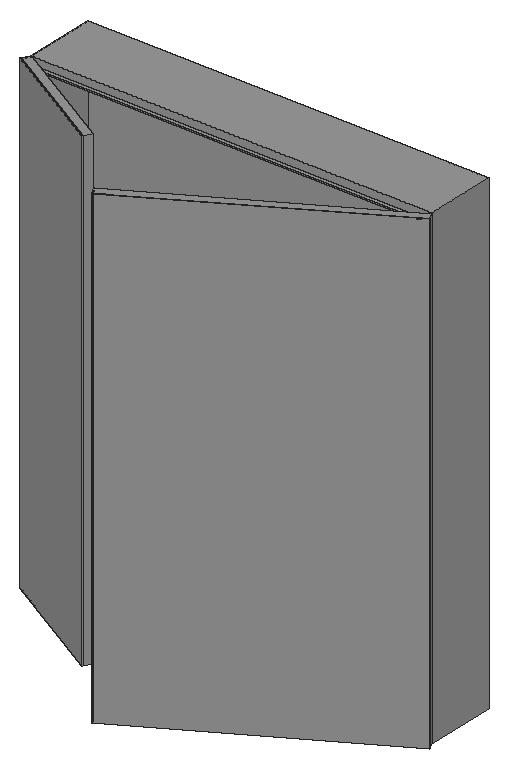
Revit family "Hager-Univers-IP44-D161-Cl.II-FWB-encl--NoHosted-PL-pl", category Electrical Equipment, Revit 2020
Family settings
  Panel Configuration = Two Columns, Circuits Across
  Round Connector Dimension = Use Diameter
  Part Type = Panelboard
  Work Plane-Based = Yes
  Always vertical = Yes
  Cut with Voids When Loaded = No
  Shared = No
  Room Calculation Point = No
Parameters (values of type "Montaż natynkowy IP44 S800 W950 G161  - FWB63D")
  Width Control [instance] = if([EF000008 - Szerokość] > Min Width, [EF000008 - Szerokość], Min Width)  # 800 mm
  Type Comments = [HG000003 - Zakres]  # "Univers"
  Thickness Door [instance] = if([EF009171 - Drzwi/pokrywa z materiału o wysokiej wytrzymałości mechanicznej] > 3 mm, 3 mm, [EF009171 - Drzwi/pokrywa z materiału o wysokiej wytrzymałości mechanicznej])  # 1 mm
  Seal Frame Offset [instance] = 17 mm  # constant formula
  Plinth Visibility [instance] = [HG000027 - Wysokość cokołu] > 0 mm  # no
  Min Width [instance] = 100 mm  # constant formula
  Min Depth [instance] = (2 * [EF009170 - Obudowa z materiału o wysokiej wytrzymałości mechanicznej]) + 1 mm  # 3 mm
  Min Height [instance] = 100 mm  # constant formula
  Internal Frame Depth [instance] = (Door System Depth * 0.5)  # 9 mm
  Panel Name [instance] = ""  # (empty or 0)
  Model = ""
  HG000027 - Wysokość cokołu = 0 mm
  HG000026 - Stojąca = no
  HG000024 - Wysokość części dolnej = 600 mm
  HG000023 - Obudowa dwusekcyjna = no
  HG000016 - Widoczność drzwi w widoku 3D [instance] = yes
  HG000015 - Przestrzeń robocza - otwarcie drzwi [instance] = no
  HG000014 - Drzwi prawe [instance] = yes
  HG000013 - Drzwi lewe [instance] = not([HG000014 - Drzwi prawe])  # no
  HG000012 - Kąt otwarcia drzwi [instance] = 30.00°
  HG000010 - Drzwi asymetryczne = yes
  HG000009 - Drzwi dwuskrzydłowe = yes
  HG000006 - Montaż podtynkowy = no
  HG000004 - Referencja producenta = "FWB63D"
  HG000003 - Zakres = "Univers"
  HG000002 - Z drzwiami lub pokrywą = yes
  Frame Offset Bottom [instance] = 10 mm  # constant formula
  Frame Offset [instance] = 15 mm  # constant formula
  EF015940 - Pokrywa z wyzwalaczem nadciśnieniowym = no
  EF011959 - Stopień ochrony (NEMA) = ""
  EF009554 - Liczba otworów pod flansze = 6
  EF009212 - Wykonanie pokrywy = "EV000116 - Zamknięty"
  EF009171 - Drzwi/pokrywa z materiału o wysokiej wytrzymałości mechanicznej = 1 mm
  EF009170 - Obudowa z materiału o wysokiej wytrzymałości mechanicznej = 1 mm
  EF008873 - Prąd znamionowy (In) = 125 A
  EF007800 - Do ochrony odgromowej = no
  EF006306 - Z zamkiem = no
  EF006244 - Transparentna pokrywa/drzwi = no
  EF005474 - Stopień ochrony (IP) = "EV006418 - IP44"
  EF004464 - Rodzaj drzwi = "EV000494 - Brak"
  EF004427 - Liczba modułów = 216
  EF004293 - Odporność udarowa = "EV006815 - IK09"
  EF003532 - Do zastosowań zewnętrznych = no
  EF002950 - Szerokość wyrażona liczbą modułów = 12
  EF001613 - Podtrzymanie funkcji = "EV000494 - Brak"
  EF001596 - Materiał obudowy = "EV000179 - Stal"
  EF001131 - Głębokość wewnętrzna = 156 mm
  EF001088 - Możliwość rozbudowy = yes
  EF000437 - Liczba wejść kablowych = 12
  EF000339 - Rodzaj pokrywy = "EV004216 - Drzwi"
  EF000266 - Liczba rzędów = 0
  EF000218 - Głębokość wbudowania = 0 mm
  EF000118 - Z płytą montażową = no
  EF000116 - Numer RAL = "9010"
  EF000049 - Głębokość = 161 mm
  EF000040 - Wysokość = 950 mm
  EF000008 - Szerokość = 800 mm
  EF000007 - Kolor = "EV000202 - Biały"
  EF000003 - Sposób montażu = "EV000384 - Montaż natynkowy"
  Door System Leaf Tolerance [instance] = 1.5 mm  # constant formula
  Door System Depth [instance] = 18 mm  # constant formula
  Door Height [instance] = Height Control - [HG000027 - Wysokość cokołu]  # 950 mm
  Description = ""
  Default Elevation = 1219.2 mm
  Connector Offset [instance] = Height Control / 2  # 475 mm
  Manufacturer = "Hager"  # constant formula
  Height Control [instance] = if([EF000040 - Wysokość] > Min Height, [EF000040 - Wysokość], Min Height)  # 950 mm
  Depth Control [instance] = if([EF000049 - Głębokość] > Min Depth, [EF000049 - Głębokość], Min Depth)  # 161 mm
  Bottom Top Plate Trim [instance] = 1.5 mm  # constant formula
  Plinth height Ctrl [instance] = if([HG000027 - Wysokość cokołu] > 0 mm, [HG000027 - Wysokość cokołu], 12 mm)  # 12 mm
Types (19, lengths in mm): name | Width Control | Thickness Door | Min Depth | HG000010 - Drzwi asymetryczne | HG000009 - Drzwi dwuskrzydłowe | HG000004 - Referencja producenta | EF009554 - Liczba otworów pod flansze | EF009212 - Wykonanie pokrywy | EF009171 - Drzwi/pokrywa z materiału o wysokiej wytrzymałości mechanicznej | EF009170 - Obudowa z materiału o wysokiej wytrzymałości mechanicznej | EF004464 - Rodzaj drzwi | EF004427 - Liczba modułów | EF001131 - Głębokość wewnętrzna | EF000437 - Liczba wejść kablowych | EF000339 - Rodzaj pokrywy | EF000040 - Wysokość | EF000008 - Szerokość | Door Height | Connector Offset | Height Control
  Montaż natynkowy IP44 S1050 W1100 G161  - FWB74D | 1050 | 1 | 3 | no | yes | "FWB74D" | 8 | "EV000116 - Zamknięty" | 1 | 1 | "EV000494 - Brak" | 336 | 160 | 16 | "EV000494 - Brak" | 1100 | 1050 | 1100 | 550 | 1100
  Montaż natynkowy IP44 S1050 W500 G161  - FWB34D | 1050 | 1 | 3 | no | yes | "FWB34D" | 8 | "EV000116 - Zamknięty" | 1 | 1 | "EV003602 - Podwójny" | 144 | 156 | 16 | "EV004216 - Drzwi" | 500 | 1050 | 500 | 250 | 500
  Montaż natynkowy IP44 S1050 W650 G161  - FWB44D | 1050 | 1 | 3 | no | yes | "FWB44D" | 8 | "EV000116 - Zamknięty" | 1 | 1 | "EV003602 - Podwójny" | 192 | 156 | 16 | "EV004216 - Drzwi" | 650 | 1050 | 650 | 325 | 650
  Montaż natynkowy IP44 S1050 W800 G161  - FWB54D | 1050 | 1 | 3 | no | yes | "FWB54D" | 8 | "EV000116 - Zamknięty" | 1 | 1 | "EV002646 - Pojedynczy" | 240 | 156 | 16 | "EV004216 - Drzwi" | 800 | 1050 | 800 | 400 | 800
  Montaż natynkowy IP44 S1050 W950 G161  - FWB64D | 1050 | 1 | 3 | no | yes | "FWB64D" | 8 | "EV000116 - Zamknięty" | 1 | 1 | "EV003602 - Podwójny" | 288 | 156 | 16 | "EV004216 - Drzwi" | 950 | 1050 | 950 | 475 | 950
  Montaż natynkowy IP44 S300 W1100 G161  - FWB71D | 300 | 1 | 3 | no | no | "FWB71D" | 2 | "EV000116 - Zamknięty" | 1 | 1 | "EV000494 - Brak" | 84 | 160 | 4 | "EV004216 - Drzwi" | 1100 | 300 | 1100 | 550 | 1100
  Montaż natynkowy IP44 S300 W650 G161  - FWB41D | 300 | 2 | 5 | no | no | "FWB41D" | 2 | "EV000116 - Zamknięty" | 2 | 2 | "EV000494 - Brak" | 48 | 160 | 4 | "EV004216 - Drzwi" | 650 | 300 | 650 | 325 | 650
  Montaż natynkowy IP44 S300 W800 G161  - FWB51D | 300 | 1 | 3 | no | no | "FWB51D" | 2 | "EV000116 - Zamknięty" | 1 | 1 | "EV000494 - Brak" | 60 | 160 | 4 | "EV004216 - Drzwi" | 800 | 300 | 800 | 400 | 800
  Montaż natynkowy IP44 S300 W950 G161  - FWB61D | 300 | 1 | 3 | no | no | "FWB61D" | 2 | "EV000116 - Zamknięty" | 1 | 1 | "EV000494 - Brak" | 72 | 160 | 4 | "EV004216 - Drzwi" | 950 | 300 | 950 | 475 | 950
  Montaż natynkowy IP44 S550 W1100 G161  - FWB72D | 550 | 1 | 3 | no | no | "FWB72D" | 4 | "EV000116 - Zamknięty" | 1 | 1 | "EV000494 - Brak" | 168 | 160 | 8 | "EV004216 - Drzwi" | 1100 | 550 | 1100 | 550 | 1100
  Montaż natynkowy IP44 S550 W500 G161  - FWB32D | 550 | 2 | 5 | no | no | "FWB32D" | 4 | "EV000116 - Zamknięty" | 2 | 2 | "EV002646 - Pojedynczy" | 72 | 156 | 8 | "EV000494 - Brak" | 500 | 550 | 500 | 250 | 500
  Montaż natynkowy IP44 S550 W650 G161  - FWB42D | 550 | 1 | 3 | no | no | "FWB42D" | 4 | "EV000116 - Zamknięty" | 1 | 1 | "EV000494 - Brak" | 96 | 160 | 8 | "EV004216 - Drzwi" | 650 | 550 | 650 | 325 | 650
  Montaż natynkowy IP44 S550 W800 G161  - FWB52D | 550 | 1 | 3 | no | no | "FWB52D" | 4 | "EV000116 - Zamknięty" | 1 | 1 | "EV000494 - Brak" | 120 | 160 | 8 | "EV004216 - Drzwi" | 800 | 550 | 800 | 400 | 800
  Montaż natynkowy IP44 S550 W950 G161  - FWB62D | 550 | 1 | 3 | no | no | "FWB62D" | 4 | "EV000116 - Zamknięty" | 1 | 1 | "EV000494 - Brak" | 144 | 160 | 8 | "EV004216 - Drzwi" | 950 | 550 | 950 | 475 | 950
  Montaż natynkowy IP44 S800 W1100 G161  - FWB73D | 800 | 1 | 3 | yes | yes | "FWB73D" | 6 | "EV000116 - Zamknięty" | 1 | 1 | "EV003602 - Podwójny" | 252 | 156 | 12 | "EV004216 - Drzwi" | 1100 | 800 | 1100 | 550 | 1100
  Montaż natynkowy IP44 S800 W500 G161  - FWB33D | 800 | 1 | 3 | yes | yes | "FWB33D" | 6 | "EV000116 - Zamknięty" | 1 | 1 | "EV000494 - Brak" | 108 | 160 | 12 | "EV004216 - Drzwi" | 500 | 800 | 500 | 250 | 500
  Montaż natynkowy IP44 S800 W650 G161  - FWB43D | 800 | 1 | 5 | yes | yes | "FWB43D" | 6 | "EV009916 - Z otworem" | 1 | 2 | "EV000494 - Brak" | 144 | 160 | 12 | "EV004216 - Drzwi" | 650 | 800 | 650 | 325 | 650
  Montaż natynkowy IP44 S800 W800 G161  - FWB53D | 800 | 1 | 5 | yes | yes | "FWB53D" | 6 | "EV000116 - Zamknięty" | 1 | 2 | "EV000494 - Brak" | 180 | 160 | 12 | "EV004216 - Drzwi" | 800 | 800 | 800 | 400 | 800
  Montaż natynkowy IP44 S800 W950 G161  - FWB63D | 800 | 1 | 3 | yes | yes | "FWB63D" | 6 | "EV000116 - Zamknięty" | 1 | 1 | "EV000494 - Brak" | 216 | 156 | 12 | "EV004216 - Drzwi" | 950 | 800 | 950 | 475 | 950
Reference planes
  plane 1 "Center (Front/Back)": y = 0
  plane 2: z = 0
  plane 3 "Center (Left/Right)": x = 0
  plane 4: y = 0
  plane 5: y = 0
  plane 6: z = 0
  plane 7: x = -400
  plane 8: x = 400
  plane 9: x = 399
  plane 10: x = -399
  plane 11: z = 0
  plane 12: z = 1
  plane 13: y = -161
  plane 14: y = -1
  plane 15: x = 0
  plane 16: y = -143
  plane 17: y = -160
  plane 18: y = -142
  plane 19: x = -384
  plane 20: x = 384
  plane 21: z = 11
  plane 22: x = -383
  plane 23: x = 383
  plane 24: z = 0
  plane 25: z = 950
  plane 26: z = 950
  plane 27: z = 934
  plane 28: z = 949
Forms (mm)
  Extrusion 1, solid, material "Hager_Steel_RAL7035_Light_Grey", detail levels medium+fine
    sketch origin (-208.679, -4572, 0) x (-1, 0, 0) y (0, -1, 0)
      loop
        line (191.321, -4429) -> (-608.679, -4429) -> (-608.679, -4572) -> (191.321, -4572) -> (191.321, -4429)
    from 0 to 950
  Extrusion 2, void
    sketch origin (-350.771, -161, 1219.2) x (1, 0, 0) y (0, 0, 1)
      loop
        line (-48.229, -270.2) -> (-48.229, -1218.2) -> (749.771, -1218.2) -> (749.771, -270.2) -> (-48.229, -270.2)
    from -19 to -160
  Extrusion 3, void
    sketch origin (-290.084, -143, 1219.2) x (1, 0, 0) y (0, 0, 1)
      loop
        line (-93.916, -1208.2) -> (674.084, -1208.2) -> (674.084, -285.2) -> (-93.916, -285.2) -> (-93.916, -1208.2)
    from 0 to -1
  Extrusion 4, solid, material "Hager_Steel_RAL7035_Light_Grey", visible <- "Plinth Visibility", detail levels medium+fine
    sketch origin (0, 0, 0) x (1, 0, 0) y (0, 1, 0)
      loop
        line (-400, 0) -> (-400, -143) -> (400, -143) -> (400, 0) -> (-400, 0)
    from 0 to 12 <- "Plinth height Ctrl"
  Extrusion 5, solid, material "Hager_Steel_RAL7035_Light_Grey", detail levels coarse
    sketch origin (0, 0, 0) x (1, 0, 0) y (0, 1, 0)
      loop
        line (-400, 0) -> (-400, -161) -> (400, -161) -> (400, 0) -> (-400, 0)
    from 0 to 950 <- "Height Control"
  Sweep 6, void
    path in 3D
      loop
        line (-400, -143, 12) -> (400, -143, 12) -> (400, 0, 12) -> (-400, 0, 12) -> (-400, -143, 12)
    profile origin (-400, -71.5, 12) x (1, 0, 0) y (0, 0, 1)
      loop
        line (0, 0) -> (0, -1.5) -> (1.5, -1.5)
        arc (1.5, -1.5) -> (1.061, -0.439) -> (0, 0) r 1.5
  Extrusion 7, solid, material "Hager_Steel_RAL7035_Light_Grey", detail levels fine
    sketch origin (-400, -143, 0) x (1, 0, 0) y (0, 0, 1)
      loop
        line (16, 11) -> (784, 11) -> (784, 934) -> (16, 934) -> (16, 11)
      loop
        line (15, 10) -> (785, 10) -> (785, 935) -> (15, 935) -> (15, 10)
    from 0 to 9 <- "Internal Frame Depth"
Cuts and joins
  Extrusion 2, Extrusion 3 cuts Extrusion 1
  Sweep 6 cuts Extrusion 4
Lines and regions (mm)
  Masking region 1
    outline origin (0, 0, 0) x (1, 0, 0) y (0, 1, 0)
      loop
        line (-400, 0) -> (-400, -161) -> (400, -161) -> (400, 0) -> (-400, 0)
  Masking region 2, detail levels coarse
    outline origin (-290.084, -143, 1219.2) x (-1, 0, 0) y (0, 0, 1)
      loop
        line (-690.084, -1219.2) -> (109.916, -1219.2) -> (109.916, -269.2) -> (-690.084, -269.2) -> (-690.084, -1219.2)
  Masking region 3, detail levels coarse
    outline origin (0, 0, 0) x (0, 1, 0) y (0, 0, 1)
      loop
        line (0, 0) -> (0, 950) -> (-161, 950) -> (-161, 0) -> (0, 0)
  Masking region 4, visible <- "Plinth Visibility", detail levels medium+fine
    outline origin (0, 0, 0) x (0, 1, 0) y (0, 0, 1)
      loop
        line (-1.5, 12) -> (-141.5, 12)
        arc (-141.5, 12) -> (-141.939, 10.939) -> (-143, 10.5) r 1.5
        line (-143, 10.5) -> (-143, 0) -> (0, 0) -> (0, 10.5)
        arc (0, 10.5) -> (-1.061, 10.939) -> (-1.5, 12) r 1.5
  Masking region 5, detail levels medium+fine
    outline origin (0, 0, 594.038) x (0, 1, 0) y (0, 0, 1)
      loop
        line (0, -594.038) -> (0, 355.962) -> (-143, 355.962) -> (-143, -594.038) -> (0, -594.038)
  Masking region 6, detail levels medium+fine
    outline origin (-359.7, -143, 1211.883) x (-1, 0, 0) y (0, 0, 1)
      loop
        line (-759.7, -1211.883) -> (40.3, -1211.883) -> (40.3, -261.883) -> (-759.7, -261.883) -> (-759.7, -1211.883)
  Masking region 7, visible <- "Plinth Visibility", detail levels medium+fine
    outline origin (-320.334, -143, 1041.368) x (-1, 0, 0) y (0, 0, 1)
      loop
        line (-720.334, -1041.368) -> (79.666, -1041.368) -> (79.666, -1030.868)
        arc (79.666, -1030.868) -> (78.606, -1030.429) -> (78.166, -1029.368) r 1.5
        line (78.166, -1029.368) -> (-718.834, -1029.368)
        arc (-718.834, -1029.368) -> (-719.273, -1030.429) -> (-720.334, -1030.868) r 1.5
        line (-720.334, -1030.868) -> (-720.334, -1041.368)
  sketch lines
    curve 1: line (-400, 0, 12) -> (-400, -143, 12)
    curve 2: line (-400, -143, 12) -> (400, -143, 12)
    curve 3: line (400, 0, 12) -> (-400, 0, 12)
    curve 4: line (400, -143, 12) -> (400, 0, 12)
Dimensions and locks
  locked: plane 1 "Center (Front/Back)" to plane 5
  "EF009170 - Obudowa z materiału o wysokiej wytrzymałości mechanicznej": plane 7 to plane 10
  "EF009170 - Obudowa z materiału o wysokiej wytrzymałości mechanicznej": plane 8 to plane 9
  equal spacing: plane 7, plane 3 "Center (Left/Right)", plane 8
  "Width Control": plane 7 to plane 8
  "Depth Control": plane 4 to plane 13
  "EF009170 - Obudowa z materiału o wysokiej wytrzymałości mechanicznej": plane 4 to plane 14
  "Height Control": plane 25 to level
  "HG000027 - Wysokość cokołu": plane 11 to level
  "EF009170 - Obudowa z materiału o wysokiej wytrzymałości mechanicznej": plane 12 to plane 11
  "EF009170 - Obudowa z materiału o wysokiej wytrzymałości mechanicznej": plane 17 to plane 13
  "EF009170 - Obudowa z materiału o wysokiej wytrzymałości mechanicznej": plane 18 to plane 16
  "Frame Offset Bottom": plane 21 to plane 12
  "Frame Offset": plane 10 to plane 19
  "Frame Offset": plane 9 to plane 20
  "Door System Depth": plane 16 to plane 13
  "Seal Frame Offset": plane 7 to plane 22
  "Seal Frame Offset": plane 8 to plane 23
  "EF009170 - Obudowa z materiału o wysokiej wytrzymałości mechanicznej": plane 26 to plane 28
  "Frame Offset": plane 28 to plane 27
  "Connector Offset": plane 2 to connector elem
  "Bottom Top Plate Trim": profile plane to Sweep 6 sketch curve
  "Bottom Top Plate Trim": Sweep 6 sketch curve to Sweep 6 sketch curve
  "Plinth height Ctrl": Masking region 4 sketch curve to level
  "Plinth height Ctrl": Masking region 7 sketch curve to level
  "Thickness Door": Extrusion 7 sketch curve to Extrusion 7 sketch curve  (x4)
  "Bottom Top Plate Trim": radius of Sweep 6 sketch curve
  "Bottom Top Plate Trim": radius of Masking region 4 sketch curve  (x2)
  "Bottom Top Plate Trim": radius of Masking region 7 sketch curve  (x2)
  aligned and locked: Extrusion 2 sketch curve to plane 12
  aligned and locked: Extrusion 2 sketch curve to plane 9
  aligned and locked: Extrusion 2 sketch curve to plane 10
  aligned and locked: Extrusion 2 to plane 14
  aligned and locked: Extrusion 1 sketch curve to plane 4
  aligned and locked: plane 8 to Extrusion 1 sketch curve
  aligned and locked: plane 7 to Extrusion 1 sketch curve
  aligned and locked: Extrusion 2 to plane 18
  aligned and locked: Extrusion 3 sketch curve to plane 19
  aligned and locked: plane 20 to Extrusion 3 sketch curve
  aligned and locked: Extrusion 3 to Extrusion 2
  aligned and locked: Extrusion 3 sketch curve to plane 21
  aligned and locked: plane 3 "Center (Left/Right)" to nested 1
  aligned and locked: Extrusion 1 sketch curve to plane 16
  aligned and locked: Extrusion 4 sketch curve to cut or joined group of Extrusion 1, Extrusion 2, Extrusion 3
  aligned and locked: Masking region 1 sketch curve to plane 7
  aligned and locked: Masking region 1 sketch curve to plane 5
  aligned and locked: Masking region 1 sketch curve to plane 8
  aligned and locked: Masking region 2 sketch curve to level
  aligned and locked: level to Masking region 3 sketch curve
  aligned and locked: plane 1 "Center (Front/Back)" to Masking region 3 sketch curve
  aligned and locked: plane 13 to Masking region 3 sketch curve
  aligned and locked: plane 5 to Masking region 4 sketch curve
  aligned and locked: Masking region 2 sketch curve to plane 8
  aligned and locked: Masking region 2 sketch curve to plane 7
  aligned and locked: plane 7 to nested 2
  aligned and locked: nested 2 to plane 5
  aligned and locked: plane 5 to Masking region 5 sketch curve
  aligned and locked: plane 26 to Masking region 5 sketch curve
  aligned and locked: Extrusion 5 sketch curve to plane 8
  aligned and locked: Extrusion 5 sketch curve to plane 7
  aligned and locked: Extrusion 5 sketch curve to plane 5
  aligned and locked: Extrusion 3 sketch curve to plane 27
  aligned and locked: Extrusion 2 sketch curve to plane 28
  aligned and locked: Masking region 2 to plane 25
  aligned and locked: Extrusion 4 to plane 16
  aligned and locked: profile plane to Sweep 6 sketch curve
  aligned and locked: Masking region 5 sketch curve to plane 24
  aligned and locked: level to Masking region 4 sketch curve
  aligned and locked: Masking region 1 to plane 13
  aligned and locked: nested 1 to plane 16
  aligned and locked: Masking region 3 to plane 25
  aligned and locked: plane 16 to Masking region 4 sketch curve
  aligned and locked: Masking region 5 sketch curve to plane 16
  aligned and locked: plane 24 to plane 11
  aligned and locked: plane 26 to plane 25
  aligned and locked: plane 26 to cut or joined group of Extrusion 1, Extrusion 2, Extrusion 3
  aligned and locked: nested 1 to plane 24
  aligned and locked: Extrusion 1 to Extrusion 3
  aligned and locked: Masking region 6 sketch curve to plane 8
  aligned and locked: Masking region 6 sketch curve to plane 24
  aligned and locked: Masking region 6 sketch curve to plane 7
  aligned and locked: Masking region 6 sketch curve to plane 26
  aligned and locked: Masking region 7 sketch curve to plane 7
  aligned and locked: level to Masking region 7 sketch curve
  aligned and locked: Masking region 7 sketch curve to plane 8
  aligned and locked: Extrusion 7 sketch curve to cut or joined group of Extrusion 1, Extrusion 2, Extrusion 3  (x4)
Automatic sketch dimensions
  plane 19 to Extrusion 3 sketch curve = 0 mm
  Extrusion 3 sketch curve to plane 20 = 0 mm
  Extrusion 3 sketch curve to plane 21 = 0 mm
  Extrusion 4 sketch curve to plane 7 = 0 mm
  Extrusion 4 sketch curve to plane 8 = 0 mm
  Extrusion 4 sketch curve to plane 16 = 0 mm
  Masking region 1 sketch curve to plane 13 = 0 mm
  Masking region 2 sketch curve to plane 25 = 0 mm
  Masking region 3 sketch curve to plane 25 = 0 mm
  Extrusion 5 sketch curve to plane 13 = 0 mm
  profile plane to Sweep 6 sketch curve = 0 mm
Nested families
  nested 1: "EC000058_Univers_Door" at (0, -143, 0), Double <- "HG000009 - Drzwi dwuskrzydłowe", Transparent <- "EF006244 - Transparentna pokrywa/drzwi", Angle <- "HG000012 - Kąt otwarcia drzwi", Door_Right <- "HG000014 - Drzwi prawe", Assymetrical <- "HG000010 - Drzwi asymetryczne", Door <- "HG000002 - Z drzwiami lub pokrywą", Width_Ctrl <- "Width Control", 3d_Door <- "HG000016 - Widoczność drzwi w widoku 3D", Clearance <- "HG000015 - Przestrzeń robocza - otwarcie drzwi", Door_Left <- "HG000013 - Drzwi lewe", Width <- "Width Control", Door_Depth <- "Door System Depth", Leaf_Tolerance <- "Door System Leaf Tolerance", Height <- "Door Height", Lock_Visibility <- "EF006306 - Z zamkiem", Thickness <- "Thickness Door", type "EC000058_Univers_Door", detail levels medium+fine
    with min_wh 3 mm, Width_Ctrl 800 mm, Width 800 mm, Transparent no, Thickness 1 mm, Seal_Material Hager_Rubber, Lock_Visibility no, Lock_Material Hager_Plastic_RAL9005_Jet_Black, Leaf_Width 800 mm, Leaf_Tolerance_External_Sides 0 mm, Leaf_Tolerance 1.5 mm, Leaf_Offset 0 mm, Leaf_Height 947 mm, Leaf_2_Width 532.583 mm, Leaf_2_Offset 266.292 mm, Leaf_1_Width 265.917 mm, Leaf_1_Offset 132.958 mm, Height_Ctrl 950 mm, Height 950 mm, Glass_Material Hager_Glass, Double_Clearance_Ctrl no, Double yes, Door_Right_Ctrl yes, Door_Right yes, Door_Material Hager_Steel_RAL7035_Light_Grey, Door_Left_Ctrl yes, Door_Left no, Door_Depth 18 mm, Door yes, Clearance_Material Hager_Clearance, Clearance_Depth 532.583 mm, Clearance_Ctrl no, Clearance no, Assymetrical yes, Angle 30.00°, 3d_Door yes
  nested 2: "Hager_Enclosure_Symbol" at (-400, 0, 0), Height <- "Depth Control", Width <- "Width Control", type "Hager_Enclosure_Symbol"
    with Width_Ctrl 800 mm, Width 800 mm, Height_Ctrl 161 mm, Height 161 mm, A_Width_Int 10.566 mm, A_Width 126.788 mm, A_Height_Ctrl 140.875 mm, A_Height 140.875 mm
Connectors
  electrical at (0, 0, 475)
    settings: on plane 1 "Center (Front/Back)", index 1, voltage 0 V, apparent load 0 VA, apparent load phase1 0 VA, apparent load phase2 0 VA, apparent load phase3 0 VA, power factor 1, load classification "Other", number of poles 1, system type 30, power factor state 1, is connector primary yes, connector utility no, sub classification motor no, connector description ""
Definition of nested family "EC000058_Univers_Door"
  Parameters (values of type "EC000058_Univers_Door")
    min_wh [instance] = (2 * Thickness) + 1 mm  # 11 mm
    Width_Ctrl [instance] = 400 mm
    Width [instance] = 500 mm
    Transparent [instance] = yes
    Thickness [instance] = 5 mm
    Seal_Material [instance] = none
    Lock_Visibility [instance] = yes
    Lock_Material [instance] = none
    Leaf_Width [instance] = if((Width_Ctrl - 2 * Leaf_Tolerance_External_Sides) > 0 mm, (Width_Ctrl - 2 * Leaf_Tolerance_External_Sides), min_wh)  # 400 mm
    Leaf_Tolerance_External_Sides [instance] = 0 mm  # constant formula
    Leaf_Tolerance [instance] = 1.5 mm
    Leaf_Offset [instance] = 0 mm  # constant formula
    Leaf_Height [instance] = if((Height_Ctrl - 2 * Leaf_Tolerance) > 0 mm, (Height_Ctrl - 2 * Leaf_Tolerance), min_wh)  # 497 mm
    Leaf_2_Width [instance] = if(and(and(Double, Assymetrical), Door_Left), (Leaf_Width / 3) - (Leaf_Tolerance / 2), if(and(and(Double, Assymetrical), Door_Right), (Leaf_Width / 3) * 2 - (Leaf_Tolerance / 2), if(and(Double, not(Assymetrical)), (Leaf_Width / 2) - Leaf_Tolerance, Leaf_Width)))  # 400 mm
    Leaf_2_Offset [instance] = if(and(Double, Assymetrical), Leaf_2_Width / 2, if(and(Double, not(Assymetrical)), Leaf_Width / 4, Leaf_Width / 2))  # 200 mm
    Leaf_1_Width [instance] = if(and(and(Double, Assymetrical), Door_Right), (Leaf_Width / 3) - (Leaf_Tolerance / 2), if(and(and(Double, Assymetrical), Door_Left), (Width / 3) * 2 - (Leaf_Tolerance / 2), if(and(Double, not(Assymetrical)), (Leaf_Width / 2) - Leaf_Tolerance, Leaf_Width)))  # 400 mm
    Leaf_1_Offset [instance] = if(and(Double, Assymetrical), Leaf_1_Width / 2, if(and(Double, not(Assymetrical)), Leaf_Width / 4, Leaf_Width / 2))  # 200 mm
    Height_Ctrl [instance] = if(Height > min_wh, Height, min_wh)  # 500 mm
    Height [instance] = 500 mm
    Glass_Material [instance] = none
    Double_Clearance_Ctrl [instance] = and(Double, Clearance)  # no
    Double [instance] = no
    Door_Right_Ctrl [instance] = and(or(Door_Right, Double), Door)  # yes
    Door_Right [instance] = yes
    Door_Material [instance] = none
    Door_Left_Ctrl [instance] = and(or(Door_Left, Double), Door)  # no
    Door_Left [instance] = no
    Door_Depth [instance] = 30 mm
    Door [instance] = yes
    Default Elevation = 1219.2 mm
    Clearance_Material [instance] = none
    Clearance_Depth [instance] = if(Leaf_1_Width > Leaf_2_Width, Leaf_1_Width, Leaf_2_Width)  # 400 mm
    Clearance_Ctrl [instance] = and(not(Double), Clearance)  # yes
    Clearance [instance] = yes
    Assymetrical [instance] = yes
    Angle [instance] = 30.00°
    3d_Door [instance] = yes
  Reference planes
    plane 1 "Center (Front/Back)": y = 0
    plane 2 "Bottom": z = 0
    plane 3 "Center (Left/Right)": x = 0
    plane 4: z = 500
    plane 5: x = -200
    plane 6: x = 200
    plane 7: z = 500
    plane 8: x = -200
    plane 9: z = 0
    plane 10: x = 200
    plane 11: y = 0
    plane 12: z = 1.5
    plane 13: x = -600
    plane 14: y = -400
    plane 15: x = 600
    plane 16: x = 0
    plane 17: x = 0
    plane 18: x = -200
    plane 19: x = 200
    plane 20: z = 498.5
  Forms (mm)
    Extrusion 1, solid, material <- "Clearance_Material", visible <- "Double_Clearance_Ctrl"
      sketch origin (1200, 0, 0) x (1, 0, 0) y (0, 0, -1)
        loop
          line (-1800, -498.5) -> (-600, -498.5) -> (-600, 0) -> (-1800, 0) -> (-1800, -498.5)
      from 0 to -400
  Dimensions and locks
    equal spacing: plane 5, plane 3 "Center (Left/Right)", plane 6
    "Width_Ctrl": plane 5 to plane 6
    "Leaf_Offset": plane 5 to plane 8
    "Leaf_Offset": plane 6 to plane 10
    "Leaf_Offset": plane 9 to level
    "Leaf_Offset": plane 4 to plane 7
    "Height_Ctrl": plane 4 to level
    "Leaf_Tolerance": plane 12 to plane 9
    locked: plane 11 to plane 1 "Center (Front/Back)"
    "Leaf_1_Offset": plane 18 to plane 16
    "Leaf_2_Offset": plane 17 to plane 19
    "Leaf_1_Width": plane 13 to plane 8
    "Leaf_2_Width": plane 10 to plane 15
    "Clearance_Depth": plane 14 to plane 1 "Center (Front/Back)"
    "Leaf_Tolerance_External_Sides": plane 8 to plane 18
    "Leaf_Tolerance_External_Sides": plane 19 to plane 10
    "Leaf_Tolerance": plane 7 to plane 20
    aligned and locked: level to plane 2 "Bottom"
    aligned and locked: nested 1 to plane 16
    aligned and locked: nested 2 to plane 17
    aligned and locked: Extrusion 1 to plane 13
    aligned and locked: plane 15 to Extrusion 1
    aligned and locked: Extrusion 1 to plane 14
    aligned and locked: plane 12 to nested 1
    aligned and locked: nested 2 to plane 12
    aligned and locked: Extrusion 1 to plane 11
    aligned and locked: plane 20 to Extrusion 1
    aligned and locked: nested 2 to plane 11
    aligned and locked: nested 1 to plane 11
  Automatic sketch dimensions
    Extrusion 1 sketch curve to level = 0 mm
    plane 5 to Extrusion 1 sketch curve = 400 mm
    plane 6 to Extrusion 1 sketch curve = 400 mm
    Extrusion 1 sketch curve to plane 4 = 1.5 mm
  Nested families
    nested 1: "EC000058_Univers_Door_Leaf" at (0, 0, 1.5), Width <- "Leaf_1_Width", visible <- "Door_Left_Ctrl", Leaf_Height <- "Leaf_Height", Angle <- "Angle", 3d_Door <- "3d_Door", Transparent <- "Transparent", Clearance Material <- "Clearance_Material", Clearance <- "Clearance_Ctrl", Door_Material <- "Door_Material", Glass_Material <- "Glass_Material", Door_Depth <- "Door_Depth", Lock_Material <- "Lock_Material", Seal_Material <- "Seal_Material", Lock_Visibility <- "Lock_Visibility", Thickness <- "Thickness", type "EC000058_Univers_Door_Leaf"
      with Width 400 mm, Transparent_Glass_Offset 30 mm, Transparent_Ctrl yes, Transparent yes, Thickness 5 mm, Standard no, Seal_Material none, Seal_D2 8 mm, Seal_D1 1 mm, Offset_Internal_Frame 10 mm, Lock_Width 20 mm, Lock_Visibility_3d yes, Lock_Visibility yes, Lock_Thickness_3 3 mm, Lock_Thickness_2 1 mm, Lock_Thickness_1 3 mm, Lock_Radius_Offset_2 16 mm, Lock_Radius_Offset_1 15 mm, Lock_Radius_2 5 mm, Lock_Radius 6 mm, Lock_Offset 5 mm, Lock_Material none, Lock_Height 80 mm, Lock_Cover_Top_Offset_2d 17 mm, Lock_Cover_Height -65 mm, Leaf_Height 497 mm, Internal_Seal_Thickness 8 mm, Internal_Seal_Depth_2 4.5 mm, Internal_Frame_Depth 25 mm, Glass_Thickness -1 mm, Glass_Offset -2 mm, Glass_Material none, Door_Material none, Door_Depth 30 mm, Clearance Material none, Clearance yes, Angle_Ctrl 30.00°, Angle 30.00°, 3d_Door yes
    nested 2: "EC000058_Univers_Door_Leaf" at (0, 0, 1.5) x (-1, 0, 0) z (0, 0, 1), Width <- "Leaf_2_Width", visible <- "Door_Right_Ctrl", Leaf_Height <- "Leaf_Height", Angle <- "Angle", 3d_Door <- "3d_Door", Transparent <- "Transparent", Clearance Material <- "Clearance_Material", Clearance <- "Clearance_Ctrl", Door_Material <- "Door_Material", Glass_Material <- "Glass_Material", Door_Depth <- "Door_Depth", Lock_Material <- "Lock_Material", Seal_Material <- "Seal_Material", Lock_Visibility <- "Lock_Visibility", Thickness <- "Thickness", type "EC000058_Univers_Door_Leaf"
      with Width 400 mm, Transparent_Glass_Offset 30 mm, Transparent_Ctrl yes, Transparent yes, Thickness 5 mm, Standard no, Seal_Material none, Seal_D2 8 mm, Seal_D1 1 mm, Offset_Internal_Frame 10 mm, Lock_Width 20 mm, Lock_Visibility_3d yes, Lock_Visibility yes, Lock_Thickness_3 3 mm, Lock_Thickness_2 1 mm, Lock_Thickness_1 3 mm, Lock_Radius_Offset_2 16 mm, Lock_Radius_Offset_1 15 mm, Lock_Radius_2 5 mm, Lock_Radius 6 mm, Lock_Offset 5 mm, Lock_Material none, Lock_Height 80 mm, Lock_Cover_Top_Offset_2d 17 mm, Lock_Cover_Height -65 mm, Leaf_Height 497 mm, Internal_Seal_Thickness 8 mm, Internal_Seal_Depth_2 4.5 mm, Internal_Frame_Depth 25 mm, Glass_Thickness -1 mm, Glass_Offset -2 mm, Glass_Material none, Door_Material none, Door_Depth 30 mm, Clearance Material none, Clearance yes, Angle_Ctrl 30.00°, Angle 30.00°, 3d_Door yes
  Definition of nested family "EC000058_Univers_Door_Leaf"
    Parameters (values of type "EC000058_Univers_Door_Leaf")
      Width [instance] = 2000 mm
      Transparent_Glass_Offset [instance] = 30 mm
      Transparent_Ctrl [instance] = and(Transparent, [3d_Door])  # yes
      Transparent [instance] = yes
      Thickness [instance] = 5 mm
      Standard [instance] = and(not(Transparent), [3d_Door])  # no
      Seal_Material [instance] = none
      Seal_D2 [instance] = 8 mm  # constant formula
      Seal_D1 [instance] = 1 mm  # constant formula
      Offset_Internal_Frame [instance] = 10 mm  # constant formula
      Lock_Width [instance] = 20 mm  # constant formula
      Lock_Visibility_3d [instance] = and(Lock_Visibility, [3d_Door])  # yes
      Lock_Visibility [instance] = yes
      Lock_Thickness_3 [instance] = 3 mm  # constant formula
      Lock_Thickness_2 [instance] = 1 mm  # constant formula
      Lock_Thickness_1 [instance] = 3 mm  # constant formula
      Lock_Radius_Offset_2 [instance] = Lock_Radius_Offset_1 + 1 mm  # 16 mm
      Lock_Radius_Offset_1 [instance] = 15 mm  # constant formula
      Lock_Radius_2 [instance] = Lock_Radius - 1 mm  # 5 mm
      Lock_Radius [instance] = 6 mm  # constant formula
      Lock_Offset [instance] = 5 mm  # constant formula
      Lock_Material [instance] = none
      Lock_Height [instance] = 80 mm  # constant formula
      Lock_Cover_Top_Offset_2d [instance] = Lock_Radius_Offset_2 + 1 mm  # 17 mm
      Lock_Cover_Height [instance] = -(Lock_Height - Lock_Radius_Offset_1)  # -65 mm
      Leaf_Height [instance] = 2720.336 mm
      Internal_Seal_Thickness [instance] = 8 mm  # constant formula
      Internal_Seal_Depth_2 [instance] = 4.5 mm  # constant formula
      Internal_Frame_Depth [instance] = if(Door_Depth - Thickness > 5 mm, Door_Depth - Thickness, 5 mm)  # 25 mm
      Glass_Thickness [instance] = if(Thickness > 15 mm, Glass_Offset + 10 mm, -1 mm)  # -1 mm
      Glass_Offset [instance] = if(Thickness > 15 mm, -(Thickness + 10 mm) / 2, -2 mm)  # -2 mm
      Glass_Material [instance] = none
      Door_Material [instance] = none
      Door_Depth [instance] = 30 mm
      Default Elevation = 0 mm
      Clearance Material [instance] = none
      Clearance [instance] = yes
      Angle_Ctrl [instance] = if(Angle > 180.00°, 180.00°, Angle)  # 90.00°
      Angle [instance] = 90.00°
      3d_Door [instance] = yes
    Reference planes
      plane 1 "Center (Front/Back)": y = 0
      plane 2: z = 0
      plane 3 "Center (Left/Right)": x = 0
      plane 4: y = 2000
      plane 5: x = -1000
      plane 6: x = 1000
      plane 7: x = -3000
      plane 8: z = 2720.336
      plane 9: z = 30
      plane 10: z = 2690.336
      plane 11: x = 970
      plane 12: x = -970
      plane 13: y = -3
      plane 14: z = 107.833
      plane 15: y = -5
      plane 16: y = -223.314
      plane 17: x = -1000
      plane 18: z = 1360.168
      plane 19: y = 30
    Forms (mm)
      Extrusion 1, solid, material <- "Clearance Material", visible <- "Clearance"
        sketch origin (0, 0, 0) x (1, 0, 0) y (0, 0, 1)
          loop
            line (-3000, 2720.336) -> (-3000, 0) -> (1000, 0) -> (1000, 2720.336) -> (-3000, 2720.336)
        from 0 to -2000
      Extrusion 2, solid, material <- "Door_Material", visible <- "Standard", detail levels medium+fine
        sketch origin (-1000, 0, 0) x (0, 1, 0) y (-1, 0, 0)
          loop
            line (0, 30) -> (0, 25) -> (2000, 25) -> (2000, 30) -> (0, 30)
        from 0 to 2720.336 <- "Leaf_Height"
      Extrusion 3, solid, material <- "Door_Material", visible <- "Transparent_Ctrl", detail levels medium+fine
        sketch origin (-1000, 0, 0) x (0, 1, 0) y (-1, 0, 0)
          loop
            line (0, 25) -> (2000, 25) -> (2000, 30) -> (0, 30) -> (0, 25)
        from 0 to 2720.336 <- "Leaf_Height"
      Extrusion 4, void
        sketch origin (-1025, 2000, 0) x (0, 1, 0) y (0, 0, -1)
          loop
            line (-30, -2690.336) -> (-30, -30) -> (-1970, -30) -> (-1970, -2690.336) -> (-30, -2690.336)
        from 0 to 5 <- "Thickness"
      Sweep 5, solid, material <- "Seal_Material", visible <- "Transparent_Ctrl", detail levels fine
        path in 3D
          loop
            line (-1025, 30, 30) -> (-1025, 30, 2690.336) -> (-1025, 1970, 2690.336) -> (-1025, 1970, 30) -> (-1025, 30, 30)
        profile origin (-1025, 1000, 30) x (1, 0, 0) y (0, 0, 1)
          loop
            line (0, 0) -> (0, -8) -> (1, -8) -> (1, 0) -> (0, 0)
      Extrusion 6, solid, material <- "Glass_Material", visible <- "Transparent_Ctrl", detail levels medium+fine
        sketch origin (-1030, 0, 0) x (0, 1, 0) y (0, 0, -1)
          loop
            line (1970, -2690.336) -> (1970, -30) -> (30, -30) -> (30, -2690.336) -> (1970, -2690.336)
        from -2 <- "Glass_Offset" to -1 <- "Glass_Thickness"
      Extrusion 7, solid, material <- "Door_Material", visible <- "3d_Door", detail levels medium+fine
        sketch origin (-1025, 2000, 0) x (0, -1, 0) y (0, 0, -1)
          loop
            line (0, -2720.336) -> (2000, -2720.336) -> (2000, 0) -> (0, 0) -> (0, -2720.336)
          loop
            line (1995, -5) -> (5, -5) -> (5, -2715.336) -> (1995, -2715.336) -> (1995, -5)
        from 0 to 25 <- "Internal_Frame_Depth"
      Sweep 8, solid, material <- "Seal_Material", visible <- "Transparent_Ctrl", detail levels fine
        path in 3D
          loop
            line (-1025, 0, 0) -> (-1025, 2000, 0) -> (-1025, 2000, 2720.336) -> (-1025, 0, 2720.336) -> (-1025, 0, 0)
        profile origin (-1025, 0, 1360.168) x (1, 0, 0) y (0, 1, 0)
          loop
            line (0, 10) -> (2.975, 10)
            arc (2.975, 10) -> (4.053, 10.447) -> (4.5, 11.525) r 1.525
            line (4.5, 11.525) -> (4.5, 16.527)
            arc (4.5, 16.527) -> (4.069, 17.569) -> (3.027, 18) r 1.473
            line (3.027, 18) -> (0, 18) -> (0, 10)
      Extrusion 9, solid, material <- "Lock_Material", visible <- "Lock_Visibility_3d", detail levels fine
        sketch origin (-1030, 0, 0) x (0, 1, 0) y (0, 0, -1)
          loop
            arc (1993.5, -1400.168) -> (1994.561, -1399.729) -> (1995, -1398.668) r 1.5
            line (1995, -1398.668) -> (1995, -1320.168) -> (1975, -1320.168) -> (1975, -1398.668)
            arc (1975, -1398.668) -> (1975.439, -1399.729) -> (1976.5, -1400.168) r 1.5
            line (1976.5, -1400.168) -> (1993.5, -1400.168)
        from 3 <- "Lock_Thickness_1" to 0
      Blend 10, solid, material <- "Lock_Material", visible <- "Lock_Visibility_3d", detail levels fine
        base sketch origin (-1033, 0, 0) x (0, 1, 0) y (0, 0, -1)
          loop
            line (1975, -1320.168) -> (1975, -1398.668)
            arc (1975, -1398.668) -> (1975.439, -1399.729) -> (1976.5, -1400.168) r 1.5
            line (1976.5, -1400.168) -> (1993.5, -1400.168)
            arc (1993.5, -1400.168) -> (1994.561, -1399.729) -> (1995, -1398.668) r 1.5
            line (1995, -1398.668) -> (1995, -1320.168) -> (1975, -1320.168)
        top sketch origin (-1033, 0, 0) x (0, 1, 0) y (0, 0, -1)
          loop
            line (1976, -1320.168) -> (1976, -1398.668)
            arc (1976, -1398.668) -> (1976.146, -1399.022) -> (1976.5, -1399.168) r 0.5
            line (1976.5, -1399.168) -> (1993.5, -1399.168)
            arc (1993.5, -1399.168) -> (1993.854, -1399.022) -> (1994, -1398.668) r 0.5
            line (1994, -1398.668) -> (1994, -1320.168) -> (1976, -1320.168)
        from 0 to 1 <- "Lock_Thickness_2"
      Blend 11, solid, material <- "Lock_Material", visible <- "Lock_Visibility_3d", detail levels fine
        base sketch origin (-1034, 0, 0) x (0, 1, 0) y (0, 0, -1)
          loop
            line (1978, -1320.168) -> (1978, -1384.168)
            arc (1978, -1384.168) -> (1985, -1391.168) -> (1992, -1384.168) r 7
            line (1992, -1384.168) -> (1992, -1320.168) -> (1978, -1320.168)
        top sketch origin (-1034, 0, 0) x (0, 1, 0) y (0, 0, -1)
          loop
            line (1991, -1320.168) -> (1979, -1320.168) -> (1979, -1383.168)
            arc (1979, -1383.168) -> (1985, -1389.168) -> (1991, -1383.168) r 6
            line (1991, -1383.168) -> (1991, -1320.168)
        from 0 to 3 <- "Lock_Thickness_3"
      Extrusion 12, solid, material <- "Lock_Material", visible <- "Lock_Visibility_3d", detail levels fine
        sketch origin (-1030, 1975, 1320.168) x (1, 0, 0) y (0, -1, 0)
          loop
            line (-7, -19) -> (-7, -1) -> (0, -1) -> (0, 0) -> (-8, 0) -> (-8, -20) -> (0, -20) -> (0, -19) -> (-7, -19)
        from 0 to -65 <- "Lock_Cover_Height"
      Extrusion 13, void
        sketch origin (-1038, 1995, 1320.168) x (-1, 0, 0) y (0, 0, -1)
          loop
            line (-5, -65) -> (0, -65) -> (-5, -60) -> (-5, -65)
        from 0 to 20 <- "Lock_Width"
      Extrusion 14, void
        sketch origin (-1038, 1975, 1320.168) x (0, -1, 0) y (0, 0, -1)
          loop
            circle (-10, -15.995) r 6
          loop
            circle (-10, -15.995) r 5
        from 0 to 2
      Extrusion 15, solid, material <- "Lock_Material", visible <- "Lock_Visibility_3d", detail levels medium
        sketch origin (-1030, 0, 0) x (0, 1, 0) y (0, 0, -1)
          loop
            arc (1993.5, -1400.168) -> (1994.561, -1399.729) -> (1995, -1398.668) r 1.5
            line (1995, -1398.668) -> (1995, -1320.168) -> (1975, -1320.168) -> (1975, -1398.668)
            arc (1975, -1398.668) -> (1975.439, -1399.729) -> (1976.5, -1400.168) r 1.5
            line (1976.5, -1400.168) -> (1993.5, -1400.168)
        from 8 to 0
    Cuts and joins
      Extrusion 4 cuts Extrusion 3
      Extrusion 13, Extrusion 14 cuts Extrusion 9
      Extrusion 14 cuts Blend 11
      Extrusion 13, Extrusion 14 cuts Extrusion 12
      joined: Extrusion 9, Blend 10, Blend 11, Extrusion 12
      Extrusion 14 cuts Extrusion 15
    Lines and regions (mm)
      Masking region 1, visible <- "Lock_Visibility", detail levels fine
        outline origin (0, 0, 0) x (0, 1, 0) y (0, 0, 1)
          loop
            line (30, 1320.168) -> (33, 1320.168) -> (33, 1400.168) -> (30, 1400.168) -> (30, 1320.168)
      Masking region 2, visible <- "Lock_Visibility", detail levels fine
        outline origin (0, 3.143, 0) x (0, 1, 0) y (0, 0, 1)
          loop
            line (29.857, 1354.168) -> (30.857, 1354.168) -> (30.857, 1366.168) -> (29.857, 1366.168) -> (29.857, 1354.168)
      Masking region 3, detail levels medium+fine
        outline origin (0, 0, 0) x (0, 1, 0) y (0, 0, 1)
          loop
            line (0, 0) -> (30, 0) -> (30, 2720.336) -> (0, 2720.336) -> (0, 0)
      Masking region 4, detail levels medium+fine
        outline origin (0, 0, 0) x (1, 0, 0) y (0, 0, 1)
          loop
            line (-1000, 2720.336) -> (-1000, 0) -> (1000, 0) -> (1000, 2720.336) -> (-1000, 2720.336)
      Masking region 5, visible <- "Lock_Visibility", detail levels fine
        outline origin (-47.116, 0, 0) x (1, 0, 0) y (0, 0, 1)
          loop
            arc (1024.616, 1399.168) -> (1023.556, 1398.729) -> (1023.116, 1397.668) r 1.5
            line (1023.116, 1397.668) -> (1023.116, 1320.168) -> (1041.116, 1320.168) -> (1041.116, 1397.668)
            arc (1041.116, 1397.668) -> (1040.677, 1398.729) -> (1039.616, 1399.168) r 1.5
            line (1039.616, 1399.168) -> (1024.616, 1399.168)
      Masking region 6, visible <- "Lock_Visibility", detail levels medium+fine
        outline origin (-25, 0, 0) x (1, 0, 0) y (0, 0, 1)
          loop
            arc (1001.5, 1400.168) -> (1000.439, 1399.729) -> (1000, 1398.668) r 1.5
            line (1000, 1398.668) -> (1000, 1320.168) -> (1020, 1320.168) -> (1020, 1398.668)
            arc (1020, 1398.668) -> (1019.561, 1399.729) -> (1018.5, 1400.168) r 1.5
            line (1018.5, 1400.168) -> (1001.5, 1400.168)
      Masking region 7, visible <- "Lock_Visibility", detail levels fine
        outline origin (-73.735, 0, 0) x (1, 0, 0) y (0, 0, 1)
          loop
            line (1051.735, 1382.168) -> (1065.735, 1382.168) -> (1065.735, 1384.168)
            arc (1065.735, 1384.168) -> (1058.735, 1391.168) -> (1051.735, 1384.168) r 7
            line (1051.735, 1384.168) -> (1051.735, 1382.168)
      Masking region 8, visible <- "Lock_Visibility", detail levels fine
        outline origin (-73.735, 0, 0) x (1, 0, 0) y (0, 0, 1)
          loop
            line (1052.735, 1382.168) -> (1064.735, 1382.168) -> (1064.735, 1383.168)
            arc (1064.735, 1383.168) -> (1058.735, 1389.168) -> (1052.735, 1383.168) r 6
            line (1052.735, 1383.168) -> (1052.735, 1382.168)
      Masking region 9, visible <- "Lock_Visibility", detail levels fine
        outline origin (-25, 0, 0) x (1, 0, 0) y (0, 0, 1)
          loop
            line (1020, 1320.168) -> (1020, 1382.168) -> (1000, 1382.168) -> (1000, 1320.168) -> (1020, 1320.168)
      Masking region 10, detail levels medium+fine
        outline origin (0, 0, 0) x (1, 0, 0) y (0, 0, 1)
          loop
            circle (985, 1335.144) r 6
      Masking region 11, detail levels fine
        outline origin (0, 0, 0) x (1, 0, 0) y (0, 0, 1)
          loop
            circle (985, 1335.144) r 5
      Masking region 12, visible <- "Lock_Visibility", detail levels fine
        outline origin (0, 12.767, 0) x (0, 1, 0) y (0, 0, 1)
          loop
            line (20.233, 1320.168) -> (21.233, 1320.168) -> (21.233, 1399.168) -> (20.233, 1400.168) -> (20.233, 1320.168)
      Masking region 13, visible <- "Lock_Visibility", detail levels fine
        outline origin (0, 13.767, -10) x (0, 1, 0) y (0, 0, 1)
          loop
            line (20.233, 1330.168) -> (23.233, 1330.168) -> (23.233, 1399.168) -> (20.233, 1402.168) -> (20.233, 1330.168)
      Masking region 14, visible <- "Lock_Visibility", detail levels fine
        outline origin (0, 12.767, -10) x (0, 1, 0) y (0, 0, 1)
          loop
            line (20.233, 1330.168) -> (25.233, 1330.168) -> (25.233, 1399.305) -> (20.233, 1394.305) -> (20.233, 1330.168)
      Masking region 15, visible <- "Lock_Visibility", detail levels medium
        outline origin (0, 0, 0) x (0, 1, 0) y (0, 0, 1)
          loop
            line (30, 1320.168) -> (38, 1320.168) -> (38, 1400.168) -> (30, 1400.168) -> (30, 1320.168)
      Masking region 16, visible <- "Lock_Visibility", detail levels fine
        outline origin (-1000, 0, 0) x (0, 1, 0) y (-1, 0, 0)
          loop
            line (1975, 30) -> (1995, 30) -> (1995, 38) -> (1975, 38) -> (1975, 30)
          loop
            line (1979, 37) -> (1976, 37) -> (1976, 34) -> (1978, 34) -> (1979, 37)
          loop
            line (1994, 37) -> (1991, 37) -> (1992, 34) -> (1994, 34) -> (1994, 37)
      Masking region 17, visible <- "Lock_Visibility", detail levels medium
        outline origin (-1000, 0, 0) x (0, 1, 0) y (-1, 0, 0)
          loop
            line (1975, 30) -> (1995, 30) -> (1995, 38) -> (1975, 38) -> (1975, 30)
      symbolic lines
        curve 1: line (1000, 0, 0) -> (-3000, 0, 0)
        curve 2: arc (1000, 0, 0) -> (-1000, 2000, 0) -> (-3000, 0, 0) r 2000
        curve 4: line (-1030, 0, 0) -> (-1030, 2000, 0)
      reference lines
        curve 3: line (-1000, 0, 0) -> (-1000, 2000, 0)
      symbolic lines, detail levels medium+fine
        curve 5: line (-1030, 2000, 0) -> (-1025, 2000, 0)
        curve 7: line (-1025, 0, 0) -> (-1030, 0, 0)
        curve 8: line (-1025, 0, 0) -> (-1000, 0, 0)
        curve 9: line (-1000, 0, 0) -> (-1000, 2000, 0)
        curve 10: line (-1000, 2000, 0) -> (-1025, 2000, 0)
      symbolic lines, detail levels fine
        curve 6: line (-1025, 2000, 0) -> (-1025, 0, 0)
      sketch lines
        curve 11: line (-1025, 0, 2720.336) -> (-1025, 0, 0)
        curve 12: line (-1025, 2000, 0) -> (-1025, 0, 0)
        curve 13: line (-1025, 2000, 2720.336) -> (-1025, 2000, 0)
        curve 14: line (-1025, 0, 2720.336) -> (-1025, 2000, 2720.336)
        curve 15: line (-1025, 1970, 30) -> (-1025, 30, 30)
        curve 16: line (-1025, 30, 30) -> (-1025, 30, 2690.336)
        curve 17: line (-1025, 1970, 2690.336) -> (-1025, 1970, 30)
        curve 18: line (-1025, 30, 2690.336) -> (-1025, 1970, 2690.336)
      symbolic lines, visible <- "Transparent", detail levels medium+fine
        curve 19: line (-970, 0, 2690.336) -> (970, 0, 2690.336)
        curve 20: line (-970, 0, 30) -> (-970, 0, 2690.336)
        curve 21: line (970, 0, 30) -> (-970, 0, 30)
        curve 22: line (970, 0, 2690.336) -> (970, 0, 30)
    Dimensions and locks
      "Width": plane 1 "Center (Front/Back)" to plane 4
      equal spacing: plane 5, plane 3 "Center (Left/Right)", plane 6
      "Width": plane 5 to plane 6
      "Width": plane 7 to plane 5
      "Leaf_Height": plane 8 to level
      "Width": curve 5 to curve 3
      "Width": curve 3 to curve 3
      plane 8 to plane 10 = 30 mm
      plane 9 to level = 30 mm
      plane 12 to plane 5 = 30 mm
      plane 6 to plane 11 = 30 mm
      Extrusion 1 to Extrusion 4 sketch curve = 30 mm
      "Transparent_Glass_Offset": curve 3 to Extrusion 4 sketch curve
      "Transparent_Glass_Offset": Extrusion 4 sketch curve to cut or joined group of Extrusion 3, Extrusion 4  (x2)
      cut or joined group of Extrusion 3, Extrusion 4 to Extrusion 6 sketch curve = 30 mm
      "Transparent_Glass_Offset": cut or joined group of Extrusion 3, Extrusion 4 to Extrusion 4 sketch curve
      "Thickness": curve 6 to curve 4
      "Thickness": Extrusion 7 sketch curve to Extrusion 7 sketch curve  (x4)
      "Door_Depth": curve 4 to curve 3
      "Offset_Internal_Frame": profile plane to Sweep 8 sketch curve
      "Internal_Seal_Thickness": Sweep 8 sketch curve to Sweep 8 sketch curve
      "Internal_Seal_Depth_2": profile plane to Sweep 8 sketch curve
      "Seal_D1": profile plane to Sweep 5 sketch curve
      "Seal_D2": profile plane to Sweep 5 sketch curve
      "Thickness": Extrusion 2 sketch curve to Extrusion 2 sketch curve
      equal spacing: Extrusion 9 sketch curve, plane 18, Extrusion 9 sketch curve  (x2)
      equal spacing: Masking region 1 sketch curve, plane 18, Masking region 1 sketch curve
      "Lock_Height": Masking region 1 sketch curve to Masking region 1 sketch curve
      "Lock_Radius": Masking region 2 sketch curve to plane 18 to Masking region 2 sketch curve
      Masking region 2 sketch curve to Masking region 1 = 1 mm
      "Door_Depth": plane 19 to plane 1 "Center (Front/Back)"
      "Lock_Thickness_1": Masking region 1 sketch curve to plane 19
      "Lock_Width": Extrusion 9 sketch curve to Extrusion 9 sketch curve
      "Lock_Height": Extrusion 9 sketch curve to Extrusion 9 sketch curve
      "Lock_Offset": cut or joined group of Extrusion 3, Extrusion 4 to Extrusion 9 sketch curve
      equal spacing: plane 8, plane 18, level
      "Lock_Radius_Offset_1": Blend 11 sketch curve to Blend 10
      locked: Blend 10 to Blend 11 sketch curve at 2  (x2)
      locked: var sketch to Blend 11 sketch curve at 1  (x2)
      "Lock_Radius_Offset_2": Blend 11 sketch curve to Blend 10
      locked: Extrusion 12 sketch curve to Extrusion 12 sketch curve at 1  (x3)
      Masking region 6 sketch curve to Masking region 6 sketch curve = 80 mm
      "Lock_Height": Masking region 6 sketch curve to Masking region 6 sketch curve
      "Lock_Width": Masking region 6 sketch curve to Masking region 6 sketch curve
      locked: Masking region 6 to Masking region 5 sketch curve at 1  (x3)
      locked: Masking region 5 to Masking region 7 sketch curve at 2  (x2)
      "Lock_Radius_Offset_1": Masking region 5 to Masking region 7 sketch curve
      "Lock_Radius_Offset_2": Masking region 5 to Masking region 8 sketch curve
      locked: Masking region 7 to Masking region 8 sketch curve at 1  (x2)
      "Lock_Cover_Top_Offset_2d": Masking region 5 to Masking region 9 sketch curve
      equal spacing: Masking region 9, Masking region 10 sketch curve, Masking region 9
      equal spacing: Masking region 9, Masking region 11 sketch curve, Masking region 9
      Extrusion 15 sketch curve to Extrusion 15 sketch curve = 80 mm
      "Lock_Width": Extrusion 15 sketch curve to Extrusion 15 sketch curve
      "Lock_Height": Extrusion 15 sketch curve to Extrusion 15 sketch curve
      equal spacing: Extrusion 15 sketch curve, plane 18, Extrusion 15 sketch curve
      "Lock_Thickness_3": Masking region 13 sketch curve to Masking region 13 sketch curve
      "Lock_Height": Masking region 12 sketch curve to Masking region 12 sketch curve
      locked: Masking region 13 sketch curve to Masking region 1 at 8
      locked: Masking region 14 sketch curve to Masking region 13 at 1
      locked: Masking region 14 sketch curve to Masking region 1 at 10.863
      "Lock_Height": Masking region 15 sketch curve to Masking region 15 sketch curve
      "Lock_Offset": Extrusion 15 sketch curve to cut or joined group of Extrusion 3, Extrusion 4
      "Lock_Offset": plane 6 to Masking region 6 sketch curve
      radius of Sweep 8 sketch curve = 1.525 mm
      radius of Sweep 8 sketch curve = 1.473 mm
      radius of Extrusion 9 sketch curve = 1.5 mm  (x2)
      "Lock_Radius": radius of Extrusion 14 sketch curve
      "Lock_Radius_2": radius of Extrusion 14 sketch curve
      "Lock_Radius": radius of Masking region 10 sketch curve
      "Lock_Radius_2": radius of Masking region 11 sketch curve
      radius of Extrusion 15 sketch curve = 1.5 mm  (x2)
      "Angle_Ctrl": angle plane 1 "Center (Front/Back)" to curve 3
      locked: Masking region 12 sketch curve to Masking region 12 sketch curve (angle 45.00°)
      locked: Masking region 13 sketch curve to Masking region 13 sketch curve (angle 45.00°)
      locked: Masking region 14 sketch curve to Masking region 14 sketch curve (angle 45.00°)
      aligned and locked: level to plane 2
      aligned and locked: Extrusion 1 to curve 1
      aligned and locked: plane 6 to Extrusion 1
      aligned and locked: Extrusion 1 to plane 1 "Center (Front/Back)"
      aligned and locked: plane 4 to Extrusion 1
      aligned and locked: plane 8 to Extrusion 1
      aligned and locked: curve 7 to Extrusion 2 sketch curve
      aligned and locked: curve 5 to Extrusion 2 sketch curve
      aligned and locked: curve 7 to Extrusion 3 sketch curve
      aligned and locked: Extrusion 3 sketch curve to curve 4
      aligned and locked: Extrusion 3 sketch curve to curve 6
      aligned and locked: Extrusion 3 sketch curve to curve 5
      aligned and locked: curve 9 to curve 3
      aligned and locked: Extrusion 7 sketch curve to cut or joined group of Extrusion 3, Extrusion 4  (x4)
      aligned and locked: plane 17 to curve 3
      aligned and locked: plane 1 "Center (Front/Back)" to curve 3
      aligned and locked: plane 17 to plane 5
      aligned and locked: Sweep 8 sketch curve to profile plane
      aligned and locked: Sweep 5 sketch curve to profile plane  (x2)
      aligned and locked: Masking region 1 to Masking region 2 sketch curve
      aligned and locked: plane 19 to Masking region 1 sketch curve
      aligned and locked: plane 1 "Center (Front/Back)" to Masking region 3 sketch curve
      aligned and locked: plane 19 to Masking region 3 sketch curve
      aligned and locked: level to Masking region 3 sketch curve
      aligned and locked: Masking region 3 sketch curve to plane 8
      aligned and locked: plane 17 to Masking region 4 sketch curve
      aligned and locked: level to Masking region 4 sketch curve
      aligned and locked: Masking region 4 sketch curve to plane 8
      aligned and locked: plane 12 to curve 20
      aligned and locked: plane 10 to curve 19
      aligned and locked: plane 11 to curve 22
      aligned and locked: curve 21 to plane 9
      aligned and locked: Extrusion 2 sketch curve to cut or joined group of Extrusion 3, Extrusion 4
      aligned and locked: Blend 10 sketch curve to Extrusion 9  (x4)
      aligned and locked: Extrusion 9 to Blend 10 sketch curve
      aligned and locked: Blend 10 to Blend 11 sketch curve
      aligned and locked: Extrusion 12 sketch curve to Blend 11
      aligned and locked: Extrusion 12 sketch curve to Extrusion 9  (x4)
      aligned and locked: Masking region 5 sketch curve to Masking region 6
      aligned and locked: Masking region 9 sketch curve to Masking region 6  (x3)
      aligned and locked: Masking region 12 sketch curve to Masking region 1
      aligned and locked: Masking region 13 sketch curve to Masking region 1
      aligned and locked: Masking region 12 to Masking region 14
      aligned and locked: Masking region 14 sketch curve to Masking region 1
      aligned and locked: Masking region 15 sketch curve to Masking region 14
      aligned and locked: Masking region 13 sketch curve to Masking region 12
      aligned and locked: Masking region 16 sketch curve to cut or joined group of Extrusion 14, Extrusion 15  (x4)
      aligned and locked: Masking region 16 sketch curve to cut or joined group of Extrusion 9, Blend 10, Blend 11, Extrusion 12, Extrusion 13, Extrusion 14  (x6)
      aligned and locked: cut or joined group of Extrusion 9, Blend 10, Blend 11, Extrusion 12, Extrusion 13, Extrusion 14 to Masking region 16 sketch curve
      aligned and locked: Masking region 17 sketch curve to cut or joined group of Extrusion 14, Extrusion 15  (x3)
      aligned and locked: Masking region 17 sketch curve to cut or joined group of Extrusion 9, Blend 10, Blend 11, Extrusion 12, Extrusion 13, Extrusion 14
      aligned and locked: Masking region 9 to Masking region 8 sketch curve
      aligned and locked: Masking region 9 to Masking region 7 sketch curve
    Automatic sketch dimensions
      plane 1 "Center (Front/Back)" to curve 2 = 0 mm
      curve 2 to plane 5 = 0 mm
      Extrusion 1 sketch curve to level = 0 mm
      Extrusion 1 sketch curve to plane 7 = 0 mm
      Extrusion 1 sketch curve to plane 6 = 0 mm
      Extrusion 1 sketch curve to plane 8 = 0 mm
      Extrusion 3 to Extrusion 6 sketch curve = 30 mm  (x4)
      Masking region 4 sketch curve to plane 6 = 0 mm
      Blend 10 sketch curve to Extrusion 9 = 1.5 mm
      Blend 10 sketch curve to Extrusion 9 = 1 mm
      Extrusion 13 sketch curve to Extrusion 12 = 0 mm  (x2)
      Extrusion 12 to Extrusion 13 sketch curve = 3 mm
      Extrusion 13 sketch curve to Extrusion 12 = 5 mm
      Extrusion 14 sketch curve to Extrusion 14 sketch curve = 0 mm  (x2)
      Extrusion 14 sketch curve to Extrusion 12 = 10 mm
      Extrusion 14 sketch curve to Extrusion 12 = 15.995 mm
      Masking region 5 sketch curve to Masking region 5 sketch curve = 1.5 mm  (x2)
      Masking region 10 sketch curve to plane 18 = 25.024 mm
      Masking region 11 sketch curve to plane 18 = 25.024 mm
      plane 19 to Masking region 14 sketch curve = 3 mm
      Masking region 16 sketch curve to Masking region 16 sketch curve = 3 mm
      curve 4 to curve 3 = 0 mm
      Blend 10 to Blend 11 sketch curve = 0 mm
      Masking region 6 sketch curve to Masking region 6 sketch curve = 1.5 mm  (x2)
      Masking region 6 sketch curve to plane 18 = 40 mm
      plane 19 to Masking region 12 sketch curve = 3 mm
      Masking region 12 sketch curve to Masking region 12 sketch curve = 1 mm
      Masking region 15 sketch curve to plane 19 = 0 mm
      Masking region 15 sketch curve to plane 18 = 40 mm
      radius of Blend 10 sketch curve to Extrusion 9 = 1 mm
Definition of nested family "Hager_Enclosure_Symbol"
  Parameters (values of type "Hager_Enclosure_Symbol")
    Width_Ctrl [instance] = if(Width > 1 mm, Width, 1 mm)  # 102.27 mm
    Width [instance] = 102.27 mm
    Height_Ctrl [instance] = if(Height > 1 mm, Height, 1 mm)  # 66.5 mm
    A_Width_Int [instance] = if(A_Width / 12 > 2 mm, A_Width / 12, 2 mm)  # 4.364 mm
    A_Width [instance] = if(A_Height_Ctrl * 0.9 > 2 mm, A_Height_Ctrl * 0.9, 2 mm)  # 52.369 mm
    A_Height_Ctrl [instance] = if(A_Height > 2 mm, A_Height, 2 mm)  # 58.188 mm
    Height [instance] = 66.5 mm
    A_Height [instance] = Height - (Height / 8)  # 58.188 mm
  Reference planes
    plane 1 "Centre (avant/arrière)": y = 0
    plane 2: z = 0
    plane 3 "Centre (gauche/droite)": x = 0
    plane 4: x = 52.369
    plane 5: y = 33.042
    plane 6: y = 41.77
    plane 7: y = 66.5
    plane 8: x = 26.184
    plane 9: y = 37.406
    plane 10: x = 102.27
    plane 11: y = 66.5
    plane 12: y = 8.313
  Lines and regions (mm)
    Filled region 1, type "Solid_Black", in view "Niveau de réf."
      outline origin (0, 0, 0) x (1, 0, 0) y (0, 1, 0)
        loop
          line (52.369, 66.5) -> (33.188, 54.536) -> (45.365, 45.006) -> (52.369, 66.5)
    Filled region 2, type "Solid_Black", in view "Niveau de réf."
      outline origin (0, 0, 0) x (1, 0, 0) y (0, 1, 0)
        loop
          line (0, 0) -> (102.27, 0) -> (102.27, 66.5) -> (0, 0)
    detail lines, in view "Niveau de réf."
      curve 1: line (0, 8.313, 0) -> (26.184, 41.77, 0)
      curve 2: line (26.184, 41.77, 0) -> (26.184, 33.042, 0)
      curve 3: line (26.184, 33.042, 0) -> (52.369, 66.5, 0)
  Dimensions and locks
    "A_Width": plane 3 "Centre (gauche/droite)" to plane 4
    equal spacing: plane 3 "Centre (gauche/droite)", plane 8, plane 4
    equal spacing: plane 6, plane 9, plane 5
    equal spacing: curve 3, Filled region 1 sketch curve, Filled region 1 sketch curve
    "Height_Ctrl": plane 1 "Centre (avant/arrière)" to plane 11
    "A_Height_Ctrl": plane 11 to plane 12
    equal spacing: plane 11, plane 9, plane 12
    "A_Width_Int": plane 6 to plane 9
    "Width_Ctrl": plane 3 "Centre (gauche/droite)" to plane 10
    angle Filled region 1 sketch curve to curve 3 = 20.00°
    angle curve 3 to Filled region 1 sketch curve = 20.00°
    locked: curve 3 to Filled region 1 sketch curve (angle 90.00°)
    aligned and locked: plane 10 to Filled region 2
    aligned and locked: plane 11 to Filled region 2 sketch curve
    aligned and locked: plane 10 to Filled region 2 sketch curve
    aligned and locked: plane 3 "Centre (gauche/droite)" to curve 1
    aligned and locked: plane 12 to curve 1
    aligned and locked: plane 7 to plane 11
  Automatic sketch dimensions
    Filled region 1 sketch curve to plane 4 = 0 mm
    Filled region 1 sketch curve to plane 7 = 0 mm
    plane 1 "Centre (avant/arrière)" to Filled region 2 sketch curve = 0 mm
    Filled region 2 sketch curve to plane 3 "Centre (gauche/droite)" = 0 mm
    curve 2 to plane 6 = 0 mm
    curve 2 to plane 8 = 0 mm
    curve 3 to plane 4 = 0 mm
    curve 2 to plane 5 = 0 mm
    curve 3 to plane 7 = 0 mm
